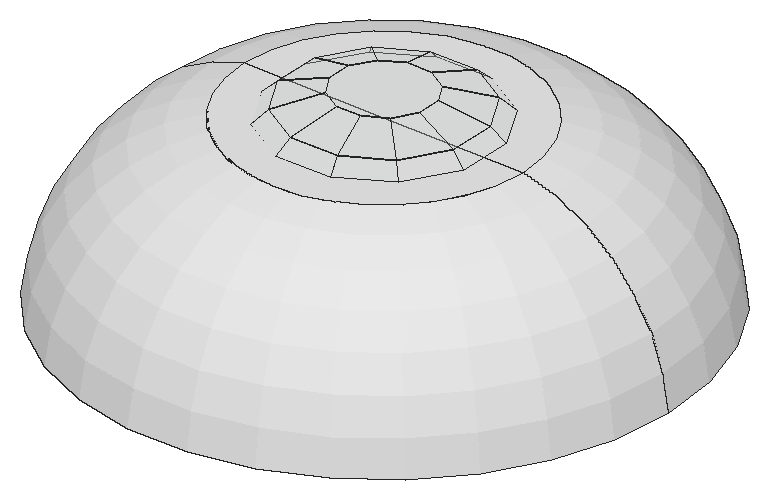
Revit family "Ceiling_Sensor-PIR-Hubbell_Wiring-ATP", category Lighting Devices, host Face, Revit 2015
Parameters (values of type "ATP1500C")
  Voltage = 24 V
  URL = "http://www.hubbell-wiring.com/"
  Type Comments = ""
  Time Delay = "Test (8 seconds), adaptive 8 to 40 minutes"  # constant formula
  Storage Temperature = "-20°F to 150°F (-29°C to 65°C); 0% to 95%\r\nnon-condensing relative humidity"  # constant formula
  Sensitivity = "Adaptive 0 to 100%"  # constant formula
  Product data url = "https://bimobject.com/hubbellwiring/product/hubbell-atp"
  Product Page URL = "http://ecatalog.hubbell-wiring.com/productinformation/specsheets/3A/Live/PDF/ATP1500C_cart.pdf"
  Product Documentation Link = "http://ecatalog.hubbell-wiring.com/productinformation/CustomerDrawingLibraryAssets/3A/1/M7781.pdf"
  Power Factor = 1
  PIR Minor Motion [instance] = no
  PIR Major Motion [instance] = no
  Operating Temperature = "32°F to 104°F (0°C to 40°C) with rate of change not\r\nexceeding 20°F (11°C) per hour"  # constant formula
  Number of Poles = 1
  Mounting Height [instance] = 108.00"
  Model = "ATP1500C"
  Manufacturer = "Hubbell Wiring Device-Kellems"  # constant formula
  Load Classification = Lighting
  Keynote = ""
  Field of View [instance] = no
  Device Material = Plastic - Hubbell - White
  Description = "Passive infrared Ceiling Sensors - Adaptive Technology"  # constant formula
  Default Elevation = 48.00"
  Coverage Area = Field of View : 1500 sq.ft.
  Coverage = 360.00°  # constant formula
  Connector Description 2 = "Controls"
  Connector Description 1 = "Power Supply"
  Apparent Load = 0.792 VA
  Ambient Light = "1 to 1000 foot candles"  # constant formula
Types (2): name | Product Page URL | Model | Coverage Area
  ATP1500C | "http://ecatalog.hubbell-wiring.com/productinformation/specsheets/3A/Live/PDF/ATP1500C_cart.pdf" | "ATP1500C" | Field of View : 1500 sq.ft.
  ATP600C | "http://ecatalog.hubbell-wiring.com/productinformation/specsheets/3A/Live/PDF/ATP600C_cart.pdf" | "ATP600C" | Field of View : 600 sq.ft.
Reference planes (in)
  plane 1 "Center (Front/Back)": y = 0
  plane 2 "Bottom": z = 0
  plane 3 "Center (Left/Right)": x = 0
  plane 4: z = 1.32
Lines and regions (in)
  symbolic lines
    curve 1: arc (-2.25, 0, 0.09375) -> (0, 2.25, 0.09375) -> (2.25, 0, 0.09375) r 2.25
    curve 2: arc (2.25, 0, 0.09375) -> (0, -2.25, 0.09375) -> (-2.25, 0, 0.09375) r 2.25
    curve 3: arc (1.1, 0, 0.09375) -> (0, 1.1, 0.09375) -> (-1.1, 0, 0.09375) r 1.1
    curve 4: arc (-1.1, 0, 0.09375) -> (0, -1.1, 0.09375) -> (1.1, 0, 0.09375) r 1.1
Dimensions and locks (in)
  locked: plane 4 to plane 2 "Bottom" at 1.32
  aligned and locked: plane 2 "Bottom" to host face
  aligned and locked: level to host face
  aligned and locked: nested 1 to plane 3 "Center (Left/Right)"
  aligned and locked: plane 1 "Center (Front/Back)" to nested 1
  aligned and locked: nested 2 to plane 3 "Center (Left/Right)"
  aligned and locked: plane 1 "Center (Front/Back)" to nested 2
  aligned and locked: plane 4 to nested 1
Nested families (in)
  nested 1: "Field of View" at (0, 0, 1.32), PIR Minor Motion <- "PIR Minor Motion", PIR Major Motion <- "PIR Major Motion", Field of View <- "Field of View", type <- "Coverage Area", Mounting Height <- "Mounting Height", type "1500 sq.ft."
    with zz YesNo 4 no, zz YesNo 3 no, zz YesNo 2 no, zz YesNo 1 no, zz Length 1 108.00", PIR Minor Motion no, PIR Major Motion no, Mounting Height 108.00", Field of View no
  nested 2: "ATP1500C-600C" at (0, 0, 0) x (0, -1, 0) z (0, 0, 1), type "ATP1500C-600C"
Connectors (in)
  electrical at (0, 0, 0), driven by "Voltage", driven by "Connector Description 1", driven by "Power Factor", driven by "Apparent Load", driven by "Load Classification", driven by "Number of Poles"
    settings: on host face, index 1, voltage 24 V, apparent load 0.792 VA, apparent load phase1 0.000 VA, apparent load phase2 0.000 VA, apparent load phase3 0.000 VA, power factor 1, load classification "Lighting", number of poles 1, system type 30, power factor state 1, is connector primary yes, connector utility no, sub classification motor no, connector description "Power Supply"
  electrical at (0, 0.29509, 0), driven by "Connector Description 2"
    settings: on nested 2, index 2, voltage 0 V, apparent load 0.000 VA, apparent load phase1 0.000 VA, apparent load phase2 0.000 VA, apparent load phase3 0.000 VA, power factor 1, load classification "Other", number of poles 1, system type 13, power factor state 1, is connector primary no, connector utility no, sub classification motor no, connector description "Controls"
Definition of nested family "ATP1500C-600C"
  Parameters
    URL = "http://www.hubbell-wiring.com/"
    Type Comments = ""
    Product Page URL = "http://www.hubbell-wiring.com/press/catalog/E.pdf"
    Product Documentation Link = "http://ecatalog.hubbell-wiring.com/productinformation/CustomerDrawingLibraryAssets/3A/1/M12573.pdf"
    Model = "AD2000BK1"
    Manufacturer = "Hubbell Wiring Device-Kellems"  # constant formula
    Keynote = ""
    Glass = none
    Device Material = none
    Description = "Dual technology occupancy sensors combine both passive infrared (PIR) \r\nand ultrasonic (US) technologies for maximum reliability."  # constant formula
    Default Elevation = 48.00"
  Reference planes (in)
    plane 1 "Center (Front/Back)": y = 0
    plane 2 "Bottom": z = 0
    plane 3 "Center (Left/Right)": x = 0
    plane 4: y = 2.25
    plane 5: y = -2.25
    plane 6: z = 1.5
    plane 7: z = 1.3
    plane 8: y = 1.1
    plane 9: y = -1.1
    plane 10: y = 0.8
    plane 11: y = -0.8
    plane 12: z = 1.4
    plane 13: z = 1.275
    plane 14: z = 0.575
    plane 15: y = 1.2633
    plane 16: y = 2.1
    plane 17: y = -1.2633
    plane 18: y = -2.1
    plane 19: x = -0.5
    plane 20: x = 0.5
    plane 21: y = -1.6
    plane 22: y = 1.6
  Forms (in)
    Extrusion 1, solid
      sketch origin (0, 0, 0) x (1, 0, 0) y (0, 1, 0)
        loop
          line (-48, 48) -> (-48, -48) -> (48, -48) -> (48, 48) -> (-48, 48)
      from 0 to -12
    Revolve 2, solid, material <- "Device Material"
      sketch origin (0, 0, 0) x (0, 1, 0) y (0, 0, 1)
        loop
          line (0, 0) -> (2.25, 0)
          arc (2.25, 0) -> (1.89174, 0.84174) -> (1.1, 1.3) r 1.44596
          line (1.1, 1.3) -> (0, 1.3) -> (0, 0)
        axis (0, 1.3) -> (0, 0)
      angle from 0 to 360
    Blend 3, solid, material <- "Glass"
      base sketch origin (0, 57.68752, 1.3) x (0, 1, 0) y (-1, 0, 0)
        loop
          line (-56.88752, 0.21436) -> (-57.10188, 0.58564) -> (-57.47316, 0.8) -> (-57.90188, 0.8) -> (-58.27316, 0.58564) -> (-58.48752, 0.21436) -> (-58.48752, -0.21436) -> (-58.27316, -0.58564) -> (-57.90188, -0.8) -> (-57.47316, -0.8) -> (-57.10188, -0.58564) -> (-56.88752, -0.21436) -> (-56.88752, 0.21436)
      top sketch origin (0, 57.68752, 1.3) x (0, 1, 0) y (-1, 0, 0)
        loop
          line (-56.99217, 0.18632) -> (-57.17849, 0.50903) -> (-57.5012, 0.69535) -> (-57.87384, 0.69535) -> (-58.19655, 0.50903) -> (-58.38287, 0.18632) -> (-58.38287, -0.18632) -> (-58.19655, -0.50903) -> (-57.87384, -0.69535) -> (-57.5012, -0.69535) -> (-57.17849, -0.50903) -> (-56.99217, -0.18632) -> (-56.99217, 0.18632)
      from 0 to 0.1
    Blend 4, solid, material <- "Glass"
      base sketch origin (0, 57.68752, 1.3) x (0, 1, 0) y (-1, 0, 0)
        loop
          line (-56.99217, 0.18632) -> (-57.17849, 0.50903) -> (-57.5012, 0.69535) -> (-57.87384, 0.69535) -> (-58.19655, 0.50903) -> (-58.38287, 0.18632) -> (-58.38287, -0.18632) -> (-58.19655, -0.50903) -> (-57.87384, -0.69535) -> (-57.5012, -0.69535) -> (-57.17849, -0.50903) -> (-56.99217, -0.18632) -> (-56.99217, 0.18632)
      top sketch origin (0, 57.68752, 1.3) x (0, 1, 0) y (-1, 0, 0)
        loop
          line (-57.33418, 0.09468) -> (-57.42886, 0.25866) -> (-57.59284, 0.35334) -> (-57.7822, 0.35334) -> (-57.94618, 0.25866) -> (-58.04086, 0.09468) -> (-58.04086, -0.09468) -> (-57.94618, -0.25866) -> (-57.7822, -0.35334) -> (-57.59284, -0.35334) -> (-57.42886, -0.25866) -> (-57.33418, -0.09468) -> (-57.33418, 0.09468)
      from 0.1 to 0.2
  Dimensions and locks (in)
    equal spacing: plane 4, plane 1 "Center (Front/Back)", plane 5
    locked: plane 4 to plane 5 at 4.5
    locked: plane 6 to plane 2 "Bottom" at 1.5
    locked: plane 6 to plane 7 at 0.2
    equal spacing: plane 8, plane 1 "Center (Front/Back)", plane 9
    locked: plane 8 to plane 9 at 2.2
    equal spacing: plane 10, plane 1 "Center (Front/Back)", plane 11
    locked: plane 10 to plane 1 "Center (Front/Back)" at 0.8
    locked: plane 6 to plane 12 at 0.1
    plane 7 to plane 13 = 0.025"
    locked: plane 13 to plane 14 at 0.7
    plane 4 to plane 16 = 0.15"
    locked: plane 16 to plane 15 at 0.8367
    locked: plane 18 to plane 17 at 0.8367
    locked: plane 5 to plane 18 at 0.15
    plane 18 to plane 17 = 0.8367"
    equal spacing: plane 19, plane 3 "Center (Left/Right)", plane 20
    plane 19 to plane 20 = 1.00"
    equal spacing: plane 22, plane 1 "Center (Front/Back)", plane 21
    locked: plane 1 "Center (Front/Back)" to plane 22 at 1.6
    locked: plane 1 "Center (Front/Back)" to Blend 3 sketch curve at 0.69535
    aligned and locked: plane 2 "Bottom" to Extrusion 1
    aligned and locked: level to Extrusion 1
    aligned and locked: plane 1 "Center (Front/Back)" to Revolve 2 sketch curve
    aligned and locked: plane 7 to Revolve 2 sketch curve  (x2)
    aligned and locked: Revolve 2 sketch curve to plane 1 "Center (Front/Back)"
    aligned and locked: plane 2 "Bottom" to Revolve 2 sketch curve  (x2)
    aligned and locked: plane 8 to Revolve 2 sketch curve
    aligned and locked: plane 4 to Revolve 2 sketch curve
    aligned and locked: Blend 3 sketch curve to plane 10
    aligned and locked: plane 11 to Blend 3 sketch curve
    aligned and locked: plane 12 to Blend 3
    aligned and locked: Blend 4 sketch curve to Blend 3
    aligned and locked: Blend 4 to plane 12
    aligned and locked: plane 6 to Blend 4
    aligned and locked: Blend 3 to plane 7
  Automatic sketch dimensions
    Extrusion 1 sketch curve to Extrusion 1 sketch curve = 96.00"  (x2)
    Revolve 2 sketch curve to level = 0.11632"
    Revolve 2 sketch curve to level = 2.41808"
    plane 6 to Revolve 2 sketch curve = 3.09499"
    plane 20 to Blend 3 sketch curve = 0.08564"  (x2)
    Blend 3 sketch curve to plane 11 = 0.21436"  (x2)
    Blend 3 sketch curve to plane 19 = 0.08564"  (x2)
    plane 1 "Center (Front/Back)" to Blend 3 sketch curve = 0.21436"  (x2)
    Blend 3 sketch curve to plane 1 "Center (Front/Back)" = 0.21436"  (x2)
    plane 10 to Blend 3 sketch curve = 0.21436"  (x2)
    plane 20 to Blend 3 sketch curve = 0.30"
    plane 3 "Center (Left/Right)" to Blend 3 sketch curve = 0.21436"  (x2)
    Blend 3 sketch curve to plane 3 "Center (Left/Right)" = 0.21436"  (x2)
    Blend 3 sketch curve to plane 19 = 0.30"
    plane 20 to Blend 3 sketch curve = 0.00903"  (x2)
    plane 10 to Blend 3 sketch curve = 0.29097"  (x2)
    Blend 3 sketch curve to plane 19 = 0.00903"  (x2)
    Blend 3 sketch curve to plane 1 "Center (Front/Back)" = 0.18632"  (x2)
    plane 1 "Center (Front/Back)" to Blend 3 sketch curve = 0.18632"  (x2)
    Blend 3 sketch curve to plane 11 = 0.29097"  (x2)
    Blend 3 sketch curve to plane 11 = 0.10465"
    plane 20 to Blend 3 sketch curve = 0.19535"
    plane 3 "Center (Left/Right)" to Blend 3 sketch curve = 0.18632"  (x2)
    Blend 3 sketch curve to plane 3 "Center (Left/Right)" = 0.18632"  (x2)
    Blend 3 sketch curve to plane 19 = 0.19535"
    Blend 4 sketch curve to plane 11 = 0.10465"
    Blend 4 sketch curve to plane 19 = 0.00903"  (x2)
    plane 20 to Blend 4 sketch curve = 0.00903"  (x2)
    Blend 4 sketch curve to plane 11 = 0.29097"
    plane 1 "Center (Front/Back)" to Blend 4 sketch curve = 0.18632"  (x2)
    Blend 4 sketch curve to plane 1 "Center (Front/Back)" = 0.18632"  (x2)
    plane 10 to Blend 4 sketch curve = 0.29097"  (x2)
    plane 10 to Blend 4 sketch curve = 0.10465"
    plane 20 to Blend 4 sketch curve = 0.19535"
    plane 3 "Center (Left/Right)" to Blend 4 sketch curve = 0.18632"  (x2)
    Blend 4 sketch curve to plane 3 "Center (Left/Right)" = 0.18632"  (x2)
Definition of nested family "Field of View"
  Parameters
    zz YesNo 4 [instance] = and(zz Integer 1 = 2, Field of View, PIR Minor Motion)  # no
    zz YesNo 3 [instance] = and(zz Integer 1 = 2, Field of View, PIR Major Motion)  # no
    zz YesNo 2 [instance] = and(zz Integer 1 = 1, Field of View, PIR Minor Motion)  # yes
    zz YesNo 1 [instance] = and(zz Integer 1 = 1, Field of View, PIR Major Motion)  # yes
    zz Length 1 [instance] = if(Mounting Height < 108.00", 108.00", if(Mounting Height > 180.00", 180.00", Mounting Height))  # 108.00"
    zz Integer 1 = 1
    PIR Minor Motion [instance] = yes
    PIR Major Motion [instance] = yes
    Mounting Height [instance] = 108.00"
    Field of View [instance] = yes
  Reference planes (in)
    plane 1 "Center (Front/Back)": y = 0
    plane 2: z = 0
    plane 3 "Center (Left/Right)": x = 0
    plane 4: y = -1.74
    plane 5: y = 1.74
    plane 6: y = -230.38949
    plane 7: y = 230.38949
    plane 8: z = 108
    plane 9: y = 320.10137
    plane 10: y = -320.10137
  Forms (in)
    Revolve 1, solid, visible <- "zz YesNo 2"
      sketch origin (0, 0, 0) x (1, 0, 0) y (0, 0, 1)
        loop
          line (0, 108) -> (0, 0) -> (0.798, 0) -> (144, 108) -> (0, 108)
        axis (0, 0) -> (0, 108)
      angle from 0 to 360
    Revolve 2, solid, visible <- "zz YesNo 1"
      sketch origin (0, 0, 0) x (1, 0, 0) y (0, 0, 1)
        loop
          line (0, 0) -> (0.798, 0) -> (264, 108) -> (0, 108) -> (0, 0)
        axis (0, 0) -> (0, 108)
      angle from 0 to 360
    Revolve 3, solid, visible <- "zz YesNo 4"
      sketch origin (0, 0, 0) x (1, 0, 0) y (0, 0, 1)
        loop
          line (0, 0) -> (0.798, 0) -> (84, 108) -> (0, 108) -> (0, 0)
        axis (0, 0) -> (0, 108)
      angle from 0 to 360
    Revolve 4, solid, visible <- "zz YesNo 3"
      sketch origin (0, 0, 0) x (1, 0, 0) y (0, 0, 1)
        loop
          line (0, 0) -> (0.798, 0) -> (132, 108) -> (0, 108) -> (0, 0)
        axis (0, 0) -> (0, 108)
      angle from 0 to 360
  Dimensions and locks (in)
    equal spacing: plane 5, plane 1 "Center (Front/Back)", plane 4
    plane 4 to plane 1 "Center (Front/Back)" = 1.74"
    equal spacing: plane 6, plane 1 "Center (Front/Back)", plane 7
    "zz Length 1": plane 8 to plane 2
    plane 6 to plane 7 = 460.77899"
    plane 1 "Center (Front/Back)" to plane 7 = 230.38949"
    equal spacing: plane 10, plane 1 "Center (Front/Back)", plane 9
    plane 1 "Center (Front/Back)" to plane 9 = 320.10137"
    locked: Revolve 2 sketch curve to Revolve 2 sketch curve (angle 67.6901°)
    locked: Revolve 3 sketch curve to Revolve 3 sketch curve (angle 37.6103°)
    locked: Revolve 4 sketch curve to Revolve 4 sketch curve (angle 50.5402°)
    locked: Revolve 1 sketch curve to Revolve 1 sketch curve (angle 52.9772°)
    aligned and locked: plane 2 to level
    aligned and locked: Revolve 1 sketch curve to plane 3 "Center (Left/Right)"
    aligned and locked: Revolve 1 sketch curve to plane 8
    aligned and locked: Revolve 1 sketch curve to plane 2
    aligned and locked: plane 2 to Revolve 2 sketch curve
    aligned and locked: plane 3 "Center (Left/Right)" to Revolve 2 sketch curve  (x2)
    aligned and locked: Revolve 2 sketch curve to Revolve 1
    aligned and locked: plane 3 "Center (Left/Right)" to Revolve 3 sketch curve
    aligned and locked: plane 2 to Revolve 3 sketch curve
    aligned and locked: Revolve 3 sketch curve to Revolve 1
    aligned and locked: plane 3 "Center (Left/Right)" to Revolve 4 sketch curve
    aligned and locked: plane 2 to Revolve 4 sketch curve
    aligned and locked: Revolve 4 sketch curve to Revolve 1
  Automatic sketch dimensions
    Revolve 2 sketch curve to Revolve 2 sketch curve = 0.798"
    Revolve 2 sketch curve to level = 16.00"
    Revolve 3 sketch curve to plane 3 "Center (Left/Right)" = 0.00"
    Revolve 3 sketch curve to Revolve 3 sketch curve = 0.798"
    Revolve 3 sketch curve to level = 21.00"
    Revolve 3 sketch curve to Revolve 3 sketch curve = 5.00"
    Revolve 4 sketch curve to plane 3 "Center (Left/Right)" = 0.00"
    plane 3 "Center (Left/Right)" to Revolve 4 sketch curve = 0.798"
    Revolve 4 sketch curve to level = 11.00"
    Revolve 4 sketch curve to Revolve 4 sketch curve = 7.00"
    Revolve 1 sketch curve to plane 3 "Center (Left/Right)" = 0.00"
    Revolve 1 sketch curve to Revolve 1 sketch curve = 0.798"
    Revolve 1 sketch curve to Revolve 1 sketch curve = 8.00"
    Revolve 1 sketch curve to Revolve 1 sketch curve = 4.00"
